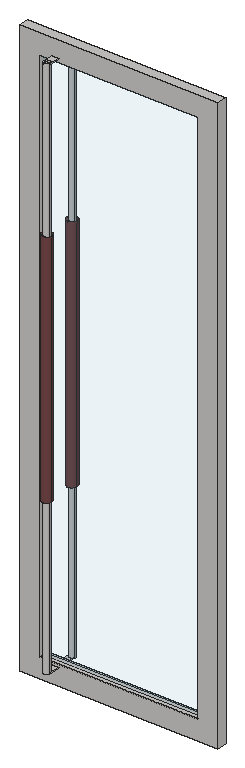
Revit family
Parameters
  프레임폭 = 100.00 mm
  프레임재질 = SSDW_1_스테인레스스틸
  프레임두께 = 50.00 mm
  유리재질 = Glass
  유리두께 = 17.00 mm
  Function = (empty or 0)
  Assembly Code = ""
Reference planes
  plane 1 "Center (Front/Back)": y = 0
  plane 2: z = 0
  plane 3 "Center (Left/Right)": x = -331.877
  plane 4: x = -831.877
  plane 5: x = 168.123
  plane 6 "Top": z = 2920
  plane 7: z = 1460
  plane 8: z = 2840
  plane 9: x = -651.877
  plane 10: z = 80
  plane 11 "AA": y = 80
  plane 12 "BB": y = -80
Forms (mm)
  Sweep 1, solid, material "SSDW_1_스테인레스스틸" <- "프레임재질"
    path origin (0, 0, 0) x (1, 0, 0) y (0, 0, 1)
      loop
        line (168.123, 2920) -> (-831.877, 2920) -> (-831.877, 0) -> (168.123, 0) -> (168.123, 2920)
    profile origin (-331.877, 0, 2920) x (0, 0, -1) y (0, -1, 0)
      loop
        line (0, -25) -> (100, -25) -> (100, 25) -> (0, 25) -> (0, -25)
  Extrusion 2, solid, material "Glass" <- "유리재질"
    sketch origin (0, 0, 0) x (1, 0, 0) y (0, 0, 1)
      loop
        line (68.123, 2820) -> (-731.877, 2820) -> (-731.877, 100) -> (68.123, 100) -> (68.123, 2820)
    from -8.5 to 8.5
  Revolve 3, solid, material "SSDW_1_스테인레스스틸" <- "프레임재질"
    sketch origin (0, 80, 0) x (1, 0, 0) y (0, 0, 1)
      loop
        line (-651.877, 2840) -> (-651.877, 80) -> (-636.877, 80) -> (-636.877, 2840) -> (-651.877, 2840)
      axis (-651.877, 2840) -> (-651.877, 80)
    angle from 0 to 360
  Extrusion 4, solid, material "SSDW_1_스테인레스스틸" <- "프레임재질"
    sketch origin (0, 80, 0) x (1, 0, 0) y (0, 0, 1)
      loop
        line (-636.877, 2840) -> (-666.877, 2840) -> (-666.877, 2835) -> (-636.877, 2835) -> (-636.877, 2840)
      loop
        line (-636.877, 80) -> (-636.877, 85) -> (-666.877, 85) -> (-666.877, 80) -> (-636.877, 80)
    from 0 to 80
  Revolve 5, solid, material "WOOD_HANDLE"
    sketch origin (0, 80, 0) x (1, 0, 0) y (0, 0, 1)
      loop
        line (-651.877, 2060) -> (-651.877, 860) -> (-626.877, 860) -> (-626.877, 2060) -> (-651.877, 2060)
      axis (-651.877, 2060) -> (-651.877, 860)
    angle from 0 to 360
  Revolve 6, solid, material "SSDW_1_스테인레스스틸" <- "프레임재질", not visible
    sketch origin (0, 80, 0) x (1, 0, 0) y (0, 0, 1)
      loop
        line (-11.877, 2520) -> (-11.877, 80) -> (3.123, 80) -> (3.123, 2520) -> (-11.877, 2520)
      axis (-11.877, 2520) -> (-11.877, 80)
    angle from 0 to 360
  Extrusion 7, solid, material "SSDW_1_스테인레스스틸" <- "프레임재질", not visible
    sketch origin (0, 80, 0) x (1, 0, 0) y (0, 0, 1)
      loop
        line (3.123, 2520) -> (-26.877, 2520) -> (-26.877, 2515) -> (3.123, 2515) -> (3.123, 2520)
      loop
        line (3.123, 80) -> (3.123, 85) -> (-26.877, 85) -> (-26.877, 80) -> (3.123, 80)
    from 0 to 80
  Revolve 8, solid, material "WOOD_HANDLE", not visible
    sketch origin (0, 80, 0) x (1, 0, 0) y (0, 0, 1)
      loop
        line (-11.877, 1900) -> (-11.877, 700) -> (13.123, 700) -> (13.123, 1900) -> (-11.877, 1900)
      axis (-11.877, 1900) -> (-11.877, 700)
    angle from 0 to 360
  Extrusion 9, solid, material "SSDW_1_스테인레스스틸" <- "프레임재질"
    sketch origin (0, -80, 0) x (1, 0, 0) y (0, 0, -1)
      loop
        line (-636.877, -2840) -> (-636.877, -2835) -> (-666.877, -2835) -> (-666.877, -2840) -> (-636.877, -2840)
      loop
        line (-636.877, -80) -> (-666.877, -80) -> (-666.877, -85) -> (-636.877, -85) -> (-636.877, -80)
    from 0 to 80
  Revolve 10, solid, material "SSDW_1_스테인레스스틸" <- "프레임재질"
    sketch origin (0, -80, 0) x (1, 0, 0) y (0, 0, 1)
      loop
        line (-651.877, 2840) -> (-651.877, 80) -> (-636.877, 80) -> (-636.877, 2840) -> (-651.877, 2840)
      axis (-651.877, 2840) -> (-651.877, 80)
    angle from 0 to 360
  Revolve 11, solid, material "WOOD_HANDLE"
    sketch origin (0, -80, 0) x (1, 0, 0) y (0, 0, 1)
      loop
        line (-651.877, 2060) -> (-651.877, 860) -> (-626.877, 860) -> (-626.877, 2060) -> (-651.877, 2060)
      axis (-651.877, 2060) -> (-651.877, 860)
    angle from 0 to 360
Cuts and joins
  joined: Revolve 3, Extrusion 4
Lines and regions (mm)
  symbolic lines, style "DoorsPanelProjection"
    curve 1: line (168.123, 0, 0) -> (133.123, 0, 0)
    curve 2: line (168.123, -1000, 0) -> (168.123, 0, 0)
    curve 3: line (133.123, -1000, 0) -> (168.123, -1000, 0)
    curve 4: line (133.123, 0, 0) -> (133.123, -1000, 0)
    curve 5: arc (-831.877, 0, 0) -> (-538.984, -707.107, 0) -> (168.123, -1000, 0) r 1000
  symbolic lines
    curve 6: line (-831.877, 0, 2920) -> (168.123, 0, 1460)
    curve 7: line (168.123, 0, 1460) -> (-831.877, 0, 0)
Text (mm)
  text "Exterior" at (-1161.5, 797.241, 0), in view "Ref. Level"
Dimensions and locks
  equal spacing: plane 4, plane 3 "Center (Left/Right)", plane 5
  "프레임폭": Sweep 1 sketch curve to plane 6 "Top"
  equal spacing: Sweep 1 sketch curve, profile plane, Sweep 1 sketch curve
  "프레임두께": Sweep 1 sketch curve to Sweep 1 sketch curve
  equal spacing: Extrusion 2, plane 1 "Center (Front/Back)", Extrusion 2
  "유리두께": Extrusion 2 to Extrusion 2
  equal spacing: plane 2, plane 7, plane 6 "Top"
  locked: plane 10 to Sweep 1 at 20
  locked: plane 1 "Center (Front/Back)" to plane 11 "AA" at 80
  plane 9 to plane 5 = 820.00 mm
  locked: plane 8 to plane 6 "Top" at 80
  locked: plane 2 to plane 10 at 80
  locked: plane 1 "Center (Front/Back)" to plane 12 "BB" at 80
  locked: plane 7 to Revolve 5 sketch curve at 600
  locked: Revolve 5 sketch curve to plane 7 at 600
  locked: Revolve 5 to plane 7 at 600
  locked: plane 7 to Revolve 5 at 600  (x2)
  locked: plane 7 to Revolve 11 sketch curve at 600
  locked: plane 4 to plane 9 at 180
  aligned and locked: plane 5 to Sweep 1 sketch curve
  aligned and locked: Sweep 1 sketch curve to plane 6 "Top"
  aligned and locked: plane 2 to Sweep 1 sketch curve
  aligned and locked: plane 4 to Sweep 1 sketch curve
  aligned and locked: plane 6 "Top" to Sweep 1 sketch curve
  aligned and locked: Extrusion 2 sketch curve to Sweep 1  (x3)
  aligned and locked: Sweep 1 to Extrusion 2 sketch curve
  aligned and locked: Extrusion 4 sketch curve to Revolve 3
  aligned and locked: plane 1 "Center (Front/Back)" to Extrusion 4
  aligned and locked: Extrusion 4 to plane 1 "Center (Front/Back)"
  aligned and locked: Extrusion 7 sketch curve to Revolve 6
  aligned and locked: Extrusion 9 to plane 12 "BB"
  aligned and locked: Extrusion 9 to plane 1 "Center (Front/Back)"
  aligned and locked: plane 8 to Extrusion 9
  aligned and locked: Revolve 5 sketch curve to plane 9
Automatic sketch dimensions
  Revolve 8 sketch curve to Revolve 8 sketch curve = 260.00 mm
  Revolve 6 sketch curve to Revolve 6 sketch curve = 0.00 mm  (x3)
  Revolve 6 sketch curve to Revolve 6 sketch curve = 15.00 mm
  Revolve 6 sketch curve to Revolve 6 sketch curve = 2440.00 mm
  Extrusion 7 sketch curve to Extrusion 7 sketch curve = 0.00 mm
  Extrusion 7 sketch curve to Extrusion 7 sketch curve = 30.00 mm  (x2)
  Extrusion 7 sketch curve to Extrusion 7 sketch curve = 5.00 mm  (x2)
  Extrusion 7 sketch curve to Extrusion 7 sketch curve = 2430.00 mm
  Revolve 8 sketch curve to Revolve 8 sketch curve = 0.00 mm
  Revolve 8 sketch curve to Revolve 8 sketch curve = 25.00 mm
  Revolve 8 sketch curve to Revolve 8 sketch curve = 340.00 mm
  Revolve 8 sketch curve to Revolve 8 sketch curve = 1200.00 mm
  Revolve 3 sketch curve to plane 8 = 0.00 mm  (x2)
  Revolve 3 sketch curve to plane 9 = 0.00 mm  (x2)
  Revolve 3 sketch curve to plane 10 = 0.00 mm  (x2)
  Revolve 3 sketch curve to Revolve 3 sketch curve = 15.00 mm
  Extrusion 4 sketch curve to plane 8 = 0.00 mm
  Extrusion 4 sketch curve to plane 10 = 5.00 mm
  plane 9 to Extrusion 4 sketch curve = 15.00 mm  (x2)
  Extrusion 4 sketch curve to plane 9 = 15.00 mm  (x2)
  Extrusion 4 sketch curve to plane 8 = 5.00 mm
  Revolve 5 sketch curve to plane 9 = 0.00 mm
  Revolve 5 sketch curve to Revolve 5 sketch curve = 25.00 mm
  Revolve 5 sketch curve to plane 10 = 280.00 mm
  Revolve 5 sketch curve to Revolve 5 sketch curve = 100.00 mm
  curve 1 to plane 1 "Center (Front/Back)" = 0.00 mm
  curve 2 to plane 5 = 0.00 mm
  Extrusion 9 sketch curve to plane 8 = 0.00 mm
  Extrusion 9 sketch curve to plane 10 = 0.00 mm
  Extrusion 9 sketch curve to plane 10 = 5.00 mm
  plane 9 to Extrusion 9 sketch curve = 15.00 mm  (x2)
  Extrusion 9 sketch curve to plane 9 = 15.00 mm  (x2)
  Extrusion 9 sketch curve to plane 8 = 5.00 mm
  Revolve 10 sketch curve to plane 8 = 0.00 mm  (x2)
  Revolve 10 sketch curve to plane 9 = 0.00 mm  (x2)
  Revolve 10 sketch curve to plane 10 = 0.00 mm  (x2)
  Revolve 10 sketch curve to Revolve 10 sketch curve = 15.00 mm
  Revolve 11 sketch curve to plane 9 = 0.00 mm  (x2)
  plane 9 to Revolve 11 sketch curve = 25.00 mm
  plane 10 to Revolve 11 sketch curve = 280.00 mm
  Revolve 11 sketch curve to plane 7 = 600.00 mm
  Revolve 11 sketch curve to Revolve 11 sketch curve = 260.00 mm
  curve 7 to level = 0.00 mm
  curve 7 to plane 4 = 0.00 mm
  curve 6 to plane 4 = 0.00 mm
  curve 7 to plane 5 = 0.00 mm
  curve 6 to plane 7 = 0.00 mm
  curve 6 to plane 6 "Top" = 0.00 mm
  curve 5 to plane 1 "Center (Front/Back)" = 0.00 mm
  curve 5 to plane 4 = 0.00 mm
  plane 5 to curve 1 = 35.00 mm
